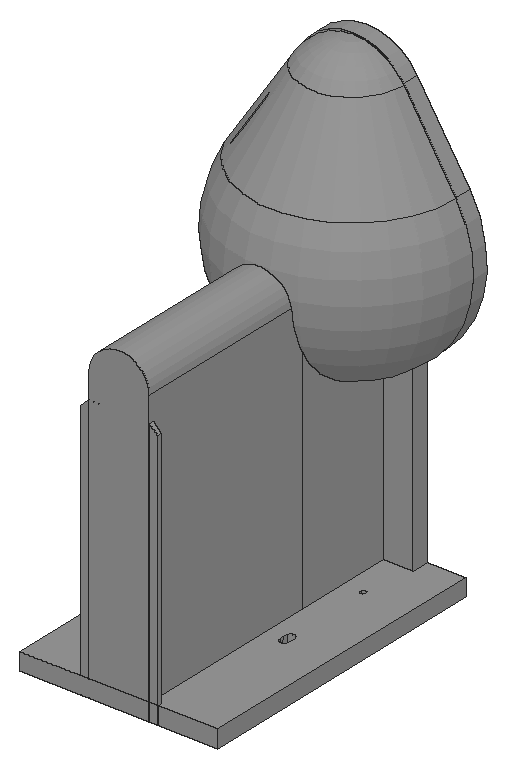
Revit family "Toilet-Willoughby-ETWS-1490-FM-FA-TS-HC", category Plumbing Fixtures, Revit 2015
Parameters (values of type "Standard")
  Waste DIA = 2 3/8"
  Waste Connection = yes
  W-RAD [instance] = Waste DIA / 2  # 0' - 1 3/16"
  Vent Connection = no
  URL = "https://www.willoughby-ind.com/wp-content/uploads/2017/12/ETWS-1490-FM-FA.pdf"
  Type Comments = ""
  Revision = "A"
  Model = "ETWS-1490-FM-FA-TS-HC"
  Manufacturer = "Willoughby Industries"
  HW Connection = no
  Flush inlet DIA = 1 1/2"
  Flush Inlet Connection = yes
  Fixture Body = Stainless Steel AISI 304-Willoughby
  F-RAD [instance] = Flush inlet DIA / 2  # 0' - 0 3/4"
  Description = "Floor Mounted Siphon Jet Flush Toilet, Front Access, Top Spud, Handicap Seat Height"
  Default Elevation = 0' - 0"
  Contact Number = "(800) 428-4065"
  CW Connection = no
Reference planes (in)
  plane 1 "Base": y = -16.25
  plane 2: z = 0
  plane 3 "Center": x = 18.31072
  plane 4 "Seat HGT": y = 1.75
  plane 5: x = 16.56072
  plane 6: x = 20.06072
  plane 7: x = 12.56072
  plane 8: x = 24.06072
  plane 9: z = 2.75
  plane 10 "Waste HGT": y = -7.75
  plane 11: z = 27.75
  plane 12: y = 0.75
Forms (in)
  Extrusion 1, solid, material "Stainless Steel AISI 304-Willoughby" <- "Fixture Body"
    sketch origin (16.08109, 7.47968, -5.1422) x (-1, 0, 0) y (0, 0, -1)
      loop
        line (1.29775, -16.80087) -> (1.29775, -5.1422) -> (-5.72963, -5.1422) -> (-5.72963, -16.81676)
        arc (-5.72963, -16.81676) -> (-8.98136, -21.11843) -> (-8.21015, -26.45542) r 7
        line (-8.21015, -26.45542) -> (-5.16818, -31.31054)
        arc (-5.16818, -31.31054) -> (-2.20225, -32.95225) -> (0.76368, -31.31054) r 3.5
        line (0.76368, -31.31054) -> (3.80565, -26.45542)
        arc (3.80565, -26.45542) -> (4.5729, -21.10311) -> (1.29775, -16.80087) r 7
      loop
        arc (2.03989, -24.70557) -> (-2.20225, -18.23804) -> (-6.44438, -24.70557) r 4.625
        line (-6.44438, -24.70557) -> (-4.04125, -30.23842)
        arc (-4.04125, -30.23842) -> (-2.20225, -31.45225) -> (-0.36324, -30.23842) r 2
        line (-0.36324, -30.23842) -> (2.03989, -24.70557)
    from 6.72968 to 5.72968
  Revolve 2, solid, material "Stainless Steel AISI 304-Willoughby" <- "Fixture Body"
    sketch origin (0, 0.75, -4.48509) x (0, 0, -1) y (-1, 0, 0)
      loop
        arc (-15.14589, -18.31072) -> (-18.69238, -12.22193) -> (-25.73826, -12.30282) r 7
        line (-25.73826, -12.30282) -> (-30.59339, -15.34479)
        arc (-30.59339, -15.34479) -> (-31.79729, -16.61573) -> (-32.23509, -18.31072) r 3.5
        line (-32.23509, -18.31072) -> (-31.98509, -18.31072)
        arc (-31.98509, -18.31072) -> (-31.57877, -16.73719) -> (-30.4614, -15.55711) r 3.25
        line (-30.4614, -15.55711) -> (-25.7313, -12.59169)
        arc (-25.7313, -12.59169) -> (-18.87779, -12.40462) -> (-15.39589, -18.31072) r 6.75
        line (-15.39589, -18.31072) -> (-15.14589, -18.31072)
      axis (-15.14589, -18.31072) -> (-32.23509, -18.31072)
    angle from 0 to 180
  Extrusion 3, solid, material "Stainless Steel AISI 304-Willoughby" <- "Fixture Body"
    sketch origin (19.53334, 0.25, -2.9508) x (0, 1, 0) y (0, 0, 1)
      loop
        line (-5.3329, 2.9508) -> (0.5, 2.9508) -> (0.5, 13.9354)
        arc (0.5, 13.9354) -> (-2.83546, 15.83336) -> (-5.3329, 18.74717) r 11.18349
        line (-5.3329, 18.74717) -> (-5.3329, 2.9508)
    from 0.52738 to -2.97262
  Extrusion 4, solid, material "Stainless Steel AISI 304-Willoughby" <- "Fixture Body", detail levels medium+fine
    sketch origin (0, 14.59309, 0) x (1, 0, 0) y (0, 1, 0)
      loop
        circle (18.31072, -22.34309) r 1.1875
    from 1 to 0
  Extrusion 5, solid, material "Stainless Steel AISI 304-Willoughby" <- "Fixture Body", detail levels medium+fine
    sketch origin (0, 1.11185, 0) x (1, 0, 0) y (0, 0, 1)
      loop
        circle (18.31072, 2.75) r 0.75
    from 0.36185 to -1.63815
  Extrusion 6, solid, material "Stainless Steel AISI 304-Willoughby" <- "Fixture Body"
    sketch origin (0, -16.25, 0) x (1, 0, 0) y (0, 0, 1)
      loop
        line (24.06072, 0) -> (24.06072, 1) -> (12.56072, 1) -> (12.56072, 0) -> (24.06072, 0)
    from -18 to 0
  Extrusion 7, solid, material "Stainless Steel AISI 304-Willoughby" <- "Fixture Body"
    sketch origin (0, -16.25, 2) x (1, 0, 0) y (0, 0, 1)
      loop
        line (20.06072, -2) -> (20.06072, 14.94894)
        arc (20.06072, 14.94894) -> (18.31072, 16.69894) -> (16.56072, 14.94894) r 1.75
        line (16.56072, 14.94894) -> (16.56072, -2) -> (20.06072, -2)
    from 0 to -11.1671
  Extrusion 8, solid, material "Stainless Steel AISI 304-Willoughby" <- "Fixture Body"
    sketch origin (0, -16.25, -1) x (1, 0, 0) y (0, 0, 1)
      loop
        line (20.56072, 1) -> (20.56072, 16.04076) -> (20.06072, 16.54076) -> (16.56072, 16.54076) -> (16.06072, 16.04076) -> (16.06072, 1) -> (16.56072, 1) -> (20.56072, 1)
    from 0 to -0.25
  Extrusion 9, void
    sketch origin (0, 0, 0) x (1, 0, 0) y (0, 1, 0)
      loop
        line (21.06072, -7.75) -> (21.06072, -8)
        arc (21.06072, -8) -> (21.31072, -8.25) -> (21.56072, -8) r 0.25
        line (21.56072, -8) -> (21.56072, -7.5)
        arc (21.56072, -7.5) -> (21.31072, -7.25) -> (21.06072, -7.5) r 0.25
        line (21.06072, -7.5) -> (21.06072, -7.75)
      loop
        line (15.06072, -7.75) -> (15.06072, -8)
        arc (15.06072, -8) -> (15.31072, -8.25) -> (15.56072, -8) r 0.25
        line (15.56072, -8) -> (15.56072, -7.5)
        arc (15.56072, -7.5) -> (15.31072, -7.25) -> (15.06072, -7.5) r 0.25
        line (15.06072, -7.5) -> (15.06072, -7.75)
      loop
        circle (21.31072, -2.25) r 0.15625
      loop
        circle (15.31072, -2.25) r 0.15625
    from 0 to 2
Cuts and joins
  Extrusion 9 cuts Extrusion 6
Lines and regions (in)
  symbolic lines
    curve 1: line (11.28334, 0.75, 0) -> (11.28334, 1.75, 0)
    curve 2: line (11.28334, 1.75, 0) -> (25.28334, 1.75, 0)
    curve 3: line (25.28334, 1.75, 0) -> (25.28334, 0.75, 0)
    curve 4: line (24.06072, -3.20245, 0) -> (24.06072, -16.25, 0)
    curve 5: line (24.06072, -16.25, 0) -> (12.56072, -16.25, 0)
    curve 6: line (12.56072, -16.25, 0) -> (12.56072, -3.28133, 0)
    curve 7: line (20.06072, -6.04377, 0) -> (20.06072, -16.25, 0)
    curve 8: line (16.56072, -6.03473, 0) -> (16.56072, -16.25, 0)
    curve 9: line (20.06072, -16, 0) -> (20.56072, -16, 0)
    curve 10: line (20.56072, -16, 0) -> (20.56072, -16.25, 0)
    curve 11: line (16.56072, -16, 0) -> (16.06072, -16, 0)
    curve 12: line (16.06072, -16, 0) -> (16.06072, -16.25, 0)
    curve 13: line (14.78334, -16.25, 11.65867) -> (14.78334, -16.25, 1)
    curve 14: line (14.78334, -16.25, 1) -> (12.56072, -16.25, 1)
    curve 15: line (12.56072, -16.25, 1) -> (12.56072, -16.25, 0)
    curve 16: line (12.56072, -16.25, 0) -> (24.06072, -16.25, 0)
    curve 17: line (24.06072, -16.25, 0) -> (24.06072, -16.25, 1)
    curve 18: line (24.06072, -16.25, 1) -> (21.81072, -16.25, 1)
    curve 19: line (21.81072, -16.25, 1) -> (21.81072, -16.25, 11.67456)
    curve 20: arc (21.81072, -16.25, 11.67456) -> (25.08541, -16.25, 15.97033) -> (24.29124, -16.25, 21.31322) r 6.94458
    curve 21: line (24.29124, -16.25, 21.31322) -> (21.24927, -16.25, 26.16835)
    curve 22: arc (21.24927, -16.25, 26.16835) -> (19.97832, -16.25, 27.37224) -> (18.28334, -16.25, 27.81005) r 3.5
    curve 23: arc (18.28334, -16.25, 27.81005) -> (16.58835, -16.25, 27.37224) -> (15.31741, -16.25, 26.16835) r 3.5
    curve 24: line (15.31741, -16.25, 26.16835) -> (12.35249, -16.25, 21.43905)
    curve 25: arc (12.35249, -16.25, 21.43905) -> (11.49002, -16.25, 16.03241) -> (14.78334, -16.25, 11.65867) r 7
    curve 31: line (18.31072, -6.1616, 18.69535) -> (18.31072, -16.25, 18.69535)
    curve 32: line (18.31072, -16.25, 18.69535) -> (18.31072, -16.25, 0)
    curve 33: line (18.31072, -16.25, 0) -> (18.31072, -1.25, 0)
    curve 34: line (18.31072, 1.75, 0) -> (18.31072, 1.75, 27.81005)
    curve 35: line (18.31072, 1.75, 27.81005) -> (18.31072, 0.75, 27.81005)
    curve 36: line (18.31072, 1.75, 11.65867) -> (18.31072, 0.75, 11.65867)
    curve 37: line (18.31072, 0.75, 11.65867) -> (18.31072, 0.75, 1)
    curve 38: line (18.31072, -2.02032, 1) -> (18.31072, -16.25, 1)
    curve 39: arc (18.31072, -6.1616, 18.69535) -> (18.31072, -4.40227, 13.31933) -> (18.31072, 0.75, 10.9846) r 7.02229
    curve 40: arc (18.31072, -6.1616, 18.69535) -> (18.31072, -5.86484, 20.02905) -> (18.31072, -5.2579, 21.25317) r 5.67466
    curve 41: line (18.31072, -5.2579, 21.25317) -> (18.31072, -2.16808, 26.19792)
    curve 42: arc (18.31072, -2.16808, 26.19792) -> (18.31072, -0.91692, 27.3648) -> (18.31072, 0.75, 27.75) r 3.30595
    curve 43: line (18.31072, 0.75, 27.75) -> (18.31072, 0.75, 27.81005)
    curve 44: arc (25.28334, 0.75, 0) -> (18.28334, -6.25, 0) -> (11.28334, 0.75, 0) r 7
  symbolic lines, detail levels fine
    curve 26: arc (14.0412, -16.25, 19.56337) -> (18.28334, -16.25, 13.09585) -> (22.52547, -16.25, 19.56337) r 4.625
    curve 27: line (22.52547, -16.25, 19.56337) -> (20.23477, -16.25, 24.83738)
    curve 28: arc (20.23477, -16.25, 24.83738) -> (19.45279, -16.25, 25.83044) -> (18.28334, -16.25, 26.31005) r 2.48373
    curve 29: arc (18.28334, -16.25, 26.31005) -> (17.13701, -16.25, 26.04679) -> (16.44433, -16.25, 25.09622) r 1.67984
    curve 30: line (16.44433, -16.25, 25.09622) -> (14.0412, -16.25, 19.56337)
Dimensions and locks (in)
  plane 1 "Base" to plane 4 "Seat HGT" = 1' - 6"
  plane 10 "Waste HGT" to plane 1 "Base" = 0' - 8 1/2"
  plane 1 "Base" to plane 10 "Waste HGT" = 0' - 8 1/2"
  locked: plane 7 to plane 8 at 11.5
  locked: plane 7 to plane 3 "Center" at 5.75
  plane 4 "Seat HGT" to plane 1 "Base" = 1' - 6"
  plane 4 "Seat HGT" to plane 12 = 0' - 1"
  "W-RAD": radius of Extrusion 4 sketch curve
  "F-RAD": radius of Extrusion 5 sketch curve
  aligned and locked: plane 3 "Center" to Extrusion 4 sketch curve
  aligned and locked: plane 3 "Center" to Extrusion 5 sketch curve
  aligned and locked: plane 9 to Extrusion 5 sketch curve
  aligned and locked: plane 10 "Waste HGT" to Extrusion 4 sketch curve
  aligned and locked: Extrusion 1 to Extrusion 5
  aligned and locked: Extrusion 1 to plane 4 "Seat HGT"
  aligned and locked: Extrusion 1 to Extrusion 6
  aligned and locked: curve 36 to Extrusion 1
  aligned and locked: Extrusion 1 to Extrusion 4
Automatic sketch dimensions
  Extrusion 1 sketch curve to Extrusion 1 sketch curve = 0' - 0"  (x8)
  level to Extrusion 1 sketch curve = 0' - 0"
  plane 3 "Center" to Extrusion 1 sketch curve = 0' - 5.98052"
  Extrusion 1 sketch curve to Extrusion 1 sketch curve = 0' - 1.76576"  (x2)
  plane 3 "Center" to Extrusion 1 sketch curve = 0' - 3 1/2"
  plane 3 "Center" to Extrusion 1 sketch curve = 0' - 2.93855"
  Extrusion 1 sketch curve to Extrusion 1 sketch curve = 0' - 1.12693"  (x2)
  Extrusion 1 sketch curve to plane 3 "Center" = 0' - 0.02738"  (x2)
  Extrusion 1 sketch curve to plane 3 "Center" = 0' - 1.86639"
  Extrusion 1 sketch curve to plane 3 "Center" = 0' - 3.52738"
  Extrusion 1 sketch curve to plane 3 "Center" = 0' - 4 69/256"
  Extrusion 1 sketch curve to Extrusion 1 sketch curve = 0' - 11.65867"
  Extrusion 1 sketch curve to Extrusion 1 sketch curve = 0' - 0.01589"
  Extrusion 1 sketch curve to Extrusion 1 sketch curve = 0' - 6.06218"
  Extrusion 1 sketch curve to Extrusion 1 sketch curve = 0' - 1.74985"
  Extrusion 1 sketch curve to Extrusion 1 sketch curve = 0' - 4.74668"
  Extrusion 1 sketch curve to Extrusion 1 sketch curve = 0' - 0.78617"
  Extrusion 1 sketch curve to Extrusion 1 sketch curve = 0' - 1.07212"
  level to Extrusion 3 sketch curve = 0' - 0"
  Extrusion 3 sketch curve to plane 4 "Seat HGT" = 0' - 2.7812"
  Extrusion 3 sketch curve to Extrusion 3 sketch curve = 0' - 10.9846"
  Extrusion 3 sketch curve to Extrusion 3 sketch curve = 0' - 4.81177"
  Extrusion 6 sketch curve to plane 7 = 0' - 0"
  Extrusion 6 sketch curve to plane 8 = 0' - 0"
  Extrusion 6 sketch curve to level = 0' - 0"
  level to Extrusion 6 sketch curve = 0' - 1"
  level to Extrusion 7 sketch curve = 0' - 0"
  Extrusion 7 sketch curve to plane 6 = 0' - 0"
  plane 9 to Extrusion 7 sketch curve = 1' - 2.19894"
  plane 5 to Extrusion 7 sketch curve = 0' - 0"
  Extrusion 3 sketch curve to Extrusion 3 sketch curve = 0' - 5.8329"
  Extrusion 8 sketch curve to plane 5 = 0' - 0"  (x2)
  Extrusion 8 sketch curve to plane 6 = 0' - 0"
  Extrusion 8 sketch curve to Extrusion 8 sketch curve = 0' - 0 1/2"  (x3)
  plane 6 to Extrusion 8 sketch curve = 0' - 0 1/2"
  level to Extrusion 8 sketch curve = 0' - 0"
  plane 9 to Extrusion 8 sketch curve = 1' - 0.29076"
  curve 22 to curve 23 = 0' - 0"
  curve 25 to curve 26 = 0' - 0"  (x2)
  curve 16 to level = 0' - 0"
  curve 16 to plane 7 = 0' - 0"
  curve 17 to plane 8 = 0' - 0"
  curve 24 to plane 7 = 0' - 0.20823"
  curve 13 to plane 5 = 0' - 1.77738"
  curve 24 to plane 5 = 0' - 1.24331"
  curve 28 to plane 3 "Center" = 0' - 0.35407"
  curve 29 to plane 3 "Center" = 0' - 0.24834"
  curve 26 to plane 3 "Center" = 0' - 0.02738"
  curve 23 to plane 3 "Center" = 0' - 0.02738"
  plane 3 "Center" to curve 20 = 0' - 0.04925"
  plane 6 to curve 27 = 0' - 0.17405"
  plane 6 to curve 21 = 0' - 1.18855"
  plane 6 to curve 19 = 0' - 1 3/4"
  curve 27 to plane 8 = 0' - 1.53525"
  plane 8 to curve 21 = 0' - 0.23052"
  level to curve 14 = 0' - 1"
  level to curve 18 = 0' - 1"
  plane 9 to curve 13 = 0' - 8.90867"
  curve 13 to curve 19 = 0' - 0.01589"
  curve 19 to curve 20 = 0' - 6.02656"
  curve 20 to curve 26 = 0' - 0.01972"
  curve 27 to curve 20 = 0' - 1.74985"
  curve 28 to plane 11 = 0' - 3.9021"
  curve 28 to curve 23 = 0' - 0.46215"
  curve 23 to curve 29 = 0' - 0.33476"
  curve 23 to curve 27 = 0' - 0 135/256"
  curve 21 to plane 11 = 0' - 1.58165"
  plane 7 to curve 26 = 0' - 1 123/256"
  curve 30 to plane 5 = 0' - 0.11639"
  curve 29 to curve 28 = 0' - 0"
  Revolve 2 sketch curve to Revolve 2 sketch curve = 0' - 0"  (x2)
  Revolve 2 sketch curve to plane 3 "Center" = 0' - 0"  (x3)
  Revolve 2 sketch curve to plane 11 = 0' - 0"
  Revolve 2 sketch curve to plane 11 = 0' - 0 1/4"
  Revolve 2 sketch curve to plane 5 = 0' - 1.21593"
  Revolve 2 sketch curve to plane 11 = 0' - 1.6417"
  Revolve 2 sketch curve to plane 5 = 0' - 1.00361"
  Revolve 2 sketch curve to Revolve 2 sketch curve = 0' - 0.13199"
  plane 3 "Center" to Revolve 2 sketch curve = 0' - 0"
  Revolve 2 sketch curve to plane 7 = 0' - 0.2579"
  Revolve 2 sketch curve to Revolve 2 sketch curve = 0' - 4.85513"
  plane 7 to Revolve 2 sketch curve = 0' - 0.03097"
  Revolve 2 sketch curve to Revolve 2 sketch curve = 0' - 0.00696"
  Revolve 2 sketch curve to Revolve 2 sketch curve = 0' - 6.5892"
  Revolve 2 sketch curve to Revolve 2 sketch curve = 0' - 3 1/4"
  Revolve 2 sketch curve to Revolve 2 sketch curve = 0' - 2.4108"
  curve 31 to plane 1 "Base" = 0' - 0"
  curve 33 to level = 0' - 0"
  curve 42 to plane 11 = 0' - 0"
  curve 42 to plane 12 = 0' - 0"
  curve 36 to plane 4 "Seat HGT" = 0' - 0"
  curve 34 to level = 0' - 0"
  plane 10 "Waste HGT" to curve 31 = 0' - 1.5884"
  plane 10 "Waste HGT" to curve 41 = 0' - 2.4921"
  curve 40 to plane 12 = 0' - 1.26431"
  curve 42 to plane 12 = 0' - 0.11447"
  plane 12 to curve 39 = 0' - 0.07682"
  plane 9 to curve 36 = 0' - 8.90867"
  curve 36 to curve 39 = 0' - 6.34779"
  curve 39 to curve 40 = 0' - 0.1322"
  curve 42 to plane 11 = 0' - 3.30397"
  plane 11 to curve 35 = 0' - 0.06005"
  level to curve 37 = 0' - 1"
  level to curve 38 = 0' - 1"
  curve 41 to plane 11 = 0' - 1.55208"
  curve 38 to plane 12 = 0' - 2.77032"
  curve 38 to curve 33 = 0' - 0.77032"
  Extrusion 3 sketch curve to plane 12 = 0' - 0"
  curve 1 to plane 12 = 0' - 0"
  plane 4 "Seat HGT" to curve 1 = 0' - 0"
  curve 6 to plane 7 = 0' - 0"
  plane 1 "Base" to curve 12 = 0' - 0"
  curve 8 to plane 5 = 0' - 0"
  curve 7 to plane 6 = 0' - 0"
  curve 4 to plane 8 = 0' - 0"
  curve 2 to plane 7 = 0' - 1.27738"
  curve 11 to plane 1 "Base" = 0' - 0 1/4"
  curve 11 to curve 11 = 0' - 0 1/2"
  curve 44 to plane 3 "Center" = 0' - 0.02738"
  curve 10 to plane 1 "Base" = 0' - 0 1/4"
  plane 6 to curve 10 = 0' - 0 1/2"
  plane 10 "Waste HGT" to curve 7 = 0' - 1.70623"
  Extrusion 9 sketch curve to plane 10 "Waste HGT" = 0' - 0"  (x2)
  plane 10 "Waste HGT" to Extrusion 9 sketch curve = 0' - 0 1/4"  (x2)
  Extrusion 9 sketch curve to plane 5 = 0' - 1 1/2"
  Extrusion 9 sketch curve to plane 5 = 0' - 1 1/4"
  Extrusion 9 sketch curve to Extrusion 9 sketch curve = 0' - 0 1/4"  (x2)
  plane 6 to Extrusion 9 sketch curve = 0' - 1"
  Extrusion 9 sketch curve to plane 10 "Waste HGT" = 0' - 0 1/4"  (x2)
  Extrusion 9 sketch curve to plane 12 = 0' - 3"  (x2)
  plane 6 to Extrusion 9 sketch curve = 0' - 1 1/4"
  radius of Extrusion 9 sketch curve = 0' - 0 5/32"  (x2)
Connectors (in)
  piping at (18.31072, -7.75, 0), diameter 2.375, driven by "W-RAD", driven by "Waste Connection"
    settings: on Extrusion 4, index 1, connector inside diameter 2 1/2", connector length 0' - 0", flow factor 0, pipe flow 0 GPM, pressure drop 0.00 psi, fitting loss kfactor 0, connector angle 0.00°, fixture units 0, engagement length 0' - 0", angle of deflection 0.00°, flow configuration 0, flow direction 2, fitting loss method 0, system type 16, joint type 0, gender type 0, connector reference index -1, connector utility 1, adjustable connector yes, is connector primary yes, connector description "Toilet Waste"
  piping at (18.31072, 2.75, 2.75), diameter 1.5, driven by "F-RAD", driven by "Flush Inlet Connection"
    settings: on Extrusion 5, index 2, connector inside diameter 1 1/2", connector length 0' - 0", flow factor 0, pipe flow 0 GPM, pressure drop 0.00 psi, fitting loss kfactor 0, connector angle 0.00°, fixture units 0, engagement length 0' - 0", angle of deflection 0.00°, flow configuration 0, flow direction 1, fitting loss method 0, system type 20, joint type 0, gender type 0, connector reference index -1, connector utility 1, adjustable connector no, is connector primary no, connector description "Flush Inlet"
